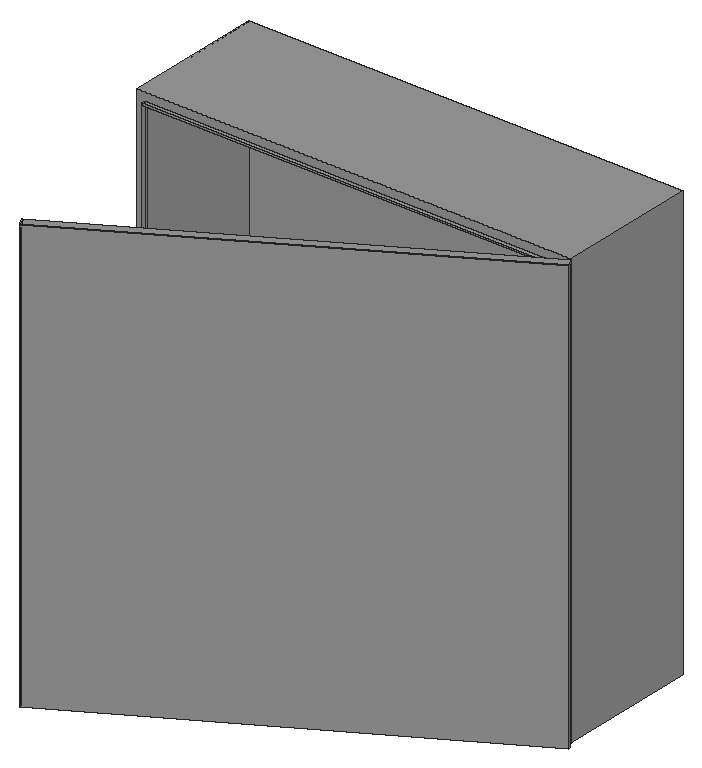
Revit family "Hager-Univers-IP55-D275-H800-Cl.II-Steel_encl-NoHosted-BE-fr", category Electrical Equipment, Revit 2020
Family settings
  Panel Configuration = Two Columns, Circuits Across
  Round Connector Dimension = Use Diameter
  Part Type = Panelboard
  Work Plane-Based = Yes
  Always vertical = Yes
  Cut with Voids When Loaded = No
  Shared = No
  Room Calculation Point = No
Parameters (values of type "saillie IP55 L800 H800 P275  - FR53S")
  Width Control [instance] = if([EF000008 - largeur] > Min Width, [EF000008 - largeur], Min Width)  # 800 mm
  Type Comments = [HG000003 - Gamme]  # "Univers"
  Thickness Door [instance] = if([EF009171 - épaisseur de matériau de la porte/du couvercle] > 3 mm, 3 mm, [EF009171 - épaisseur de matériau de la porte/du couvercle])  # 1.5 mm
  Seal Frame Offset [instance] = 17 mm  # constant formula
  Plinth Visibility [instance] = [HG000027 - Hauteur du socle] > 0 mm  # no
  Min Width [instance] = 100 mm  # constant formula
  Min Depth [instance] = (2 * [EF009170 - épaisseur de matériau du boîtier]) + 1 mm  # 4 mm
  Min Height [instance] = 100 mm  # constant formula
  Internal Frame Depth [instance] = (Door System Depth * 0.5)  # 9 mm
  Panel Name [instance] = ""  # (empty or 0)
  Model = ""
  HG000027 - Hauteur du socle = 0 mm
  HG000026 - Installation au sol = no
  HG000024 - Hauteur de la section basse = 600 mm
  HG000023 - Armoire double section = no
  HG000016 - Visibilité de la porte 3D [instance] = yes
  HG000015 - Visibilité de l'emprise de la porte [instance] = no
  HG000014 - Porte à droite [instance] = yes
  HG000013 - Porte à gauche [instance] = not([HG000014 - Porte à droite])  # no
  HG000012 - Angle de pivotement de la porte [instance] = 30.00°
  HG000010 - Portes asymétriques = no
  HG000009 - Porte à double battant = no
  HG000006 - Encastré = no
  HG000004 - Référence fabricant = "FR53S"
  HG000003 - Gamme = "Univers"
  HG000002 - avec porte = yes
  Frame Offset Bottom [instance] = 10 mm  # constant formula
  Frame Offset [instance] = 15 mm  # constant formula
  EF015940 - couvercle avec décharge de pression = no
  EF011959 - degré de protection (NEMA) = ""
  EF009554 - nombre d'ouvertures pour plaques à bride = 6
  EF009212 - finition du couvercle = "EV000116 - fermé"
  EF009171 - épaisseur de matériau de la porte/du couvercle = 1.5 mm
  EF009170 - épaisseur de matériau du boîtier = 1.5 mm
  EF008873 - courant nominal (In) = 800 A
  EF007800 - adapté à un parafoudre = no
  EF006306 - avec serrure = no
  EF006244 - couvercle/porte transparent(e) = no
  EF005474 - indice de protection (IP) = "EV006420 - IP55"
  EF004464 - type de porte = "EV002646 - unique"
  EF004427 - nombre de modules = 180
  EF004293 - indice de protection contre les chocs (IK) = "EV008784 - IK10"
  EF003532 - convient pour utilisation à l’extérieur = no
  EF002950 - largeur en nombre de modules = 24
  EF001613 - maintien de fonction = "EV000494 - sans"
  EF001596 - matériau du boîtier/corps = "EV000179 - acier"
  EF001131 - profondeur intérieure = 275 mm
  EF001088 - possibilité de montage en saillie = yes
  EF000437 - nombre d'entrées de conduit = 6
  EF000339 - type de capot = "EV004216 - porte"
  EF000266 - nombre de rangées = 5
  EF000218 - profondeur d'encastrement = 0 mm
  EF000118 - avec cadre/support de montage = no
  EF000116 - numéro RAL = "7035"
  EF000049 - profondeur = 275 mm
  EF000040 - hauteur = 800 mm
  EF000008 - largeur = 800 mm
  EF000007 - couleur = "EV000270 - gris"
  EF000003 - mode de pose = "EV000384 - saillie"
  Door System Leaf Tolerance [instance] = 1.5 mm  # constant formula
  Door System Depth [instance] = 18 mm  # constant formula
  Door Height [instance] = Height Control - [HG000027 - Hauteur du socle]  # 800 mm
  Description = ""
  Default Elevation = 1219.2 mm
  Connector Offset [instance] = Height Control / 2  # 400 mm
  Manufacturer = "Hager"  # constant formula
  Height Control [instance] = if([EF000040 - hauteur] > Min Height, [EF000040 - hauteur], Min Height)  # 800 mm
  Depth Control [instance] = if([EF000049 - profondeur] > Min Depth, [EF000049 - profondeur], Min Depth)  # 275 mm
  Bottom Top Plate Trim [instance] = 1.5 mm  # constant formula
  Plinth height Ctrl [instance] = if([HG000027 - Hauteur du socle] > 0 mm, [HG000027 - Hauteur du socle], 12 mm)  # 12 mm
Types (5, lengths in mm): name | Width Control | HG000010 - Portes asymétriques | HG000009 - Porte à double battant | HG000004 - Référence fabricant | EF009554 - nombre d'ouvertures pour plaques à bride | EF004464 - type de porte | EF004427 - nombre de modules | EF000437 - nombre d'entrées de conduit | EF000008 - largeur
  saillie IP55 L1050 H800 P275  - FR54S | 1050 | no | yes | "FR54S" | 8 | "EV003602 - double" | 240 | 8 | 1050
  saillie IP55 L1300 H800 P275  - FR55S | 1300 | yes | yes | "FR55S" | 10 | "EV003602 - double" | 300 | 10 | 1300
  saillie IP55 L300 H800 P275  - FR51S | 300 | no | no | "FR51S" | 2 | "EV002646 - unique" | 60 | 2 | 300
  saillie IP55 L550 H800 P275  - FR52S | 550 | no | no | "FR52S" | 4 | "EV002646 - unique" | 120 | 4 | 550
  saillie IP55 L800 H800 P275  - FR53S | 800 | no | no | "FR53S" | 6 | "EV002646 - unique" | 180 | 6 | 800
Reference planes
  plane 1 "Center (Front/Back)": y = 0
  plane 2: z = 0
  plane 3 "Center (Left/Right)": x = 0
  plane 4: y = 0
  plane 5: y = 0
  plane 6: z = 0
  plane 7: x = -400
  plane 8: x = 400
  plane 9: x = 398.5
  plane 10: x = -398.5
  plane 11: z = 0
  plane 12: z = 1.5
  plane 13: y = -275
  plane 14: y = -1.5
  plane 15: x = 0
  plane 16: y = -257
  plane 17: y = -273.5
  plane 18: y = -255.5
  plane 19: x = -383.5
  plane 20: x = 383.5
  plane 21: z = 11.5
  plane 22: x = -383
  plane 23: x = 383
  plane 24: z = 0
  plane 25: z = 800
  plane 26: z = 800
  plane 27: z = 783.5
  plane 28: z = 798.5
Forms (mm)
  Extrusion 1, solid, material "Hager_Steel_RAL7035_Light_Grey", detail levels medium+fine
    sketch origin (-208.679, -4572, 0) x (-1, 0, 0) y (0, -1, 0)
      loop
        line (191.321, -4315) -> (-608.679, -4315) -> (-608.679, -4572) -> (191.321, -4572) -> (191.321, -4315)
    from 0 to 800
  Extrusion 2, void
    sketch origin (-350.771, -275, 1219.2) x (1, 0, 0) y (0, 0, 1)
      loop
        line (-47.729, -420.7) -> (-47.729, -1217.7) -> (749.271, -1217.7) -> (749.271, -420.7) -> (-47.729, -420.7)
    from -19.5 to -273.5
  Extrusion 3, void
    sketch origin (-290.084, -257, 1219.2) x (1, 0, 0) y (0, 0, 1)
      loop
        line (-93.416, -1207.7) -> (673.584, -1207.7) -> (673.584, -435.7) -> (-93.416, -435.7) -> (-93.416, -1207.7)
    from 0 to -1.5
  Extrusion 4, solid, material "Hager_Steel_RAL7035_Light_Grey", visible <- "Plinth Visibility", detail levels medium+fine
    sketch origin (0, 0, 0) x (1, 0, 0) y (0, 1, 0)
      loop
        line (-400, 0) -> (-400, -257) -> (400, -257) -> (400, 0) -> (-400, 0)
    from 0 to 12 <- "Plinth height Ctrl"
  Extrusion 5, solid, material "Hager_Steel_RAL7035_Light_Grey", detail levels coarse
    sketch origin (0, 0, 0) x (1, 0, 0) y (0, 1, 0)
      loop
        line (-400, 0) -> (-400, -275) -> (400, -275) -> (400, 0) -> (-400, 0)
    from 0 to 800 <- "Height Control"
  Sweep 6, void
    path in 3D
      loop
        line (-400, -257, 12) -> (400, -257, 12) -> (400, 0, 12) -> (-400, 0, 12) -> (-400, -257, 12)
    profile origin (-400, -128.5, 12) x (1, 0, 0) y (0, 0, 1)
      loop
        line (0, 0) -> (0, -1.5) -> (1.5, -1.5)
        arc (1.5, -1.5) -> (1.061, -0.439) -> (0, 0) r 1.5
  Extrusion 7, solid, material "Hager_Steel_RAL7035_Light_Grey", detail levels fine
    sketch origin (-400, -257, 0) x (1, 0, 0) y (0, 0, 1)
      loop
        line (16.5, 11.5) -> (783.5, 11.5) -> (783.5, 783.5) -> (16.5, 783.5) -> (16.5, 11.5)
      loop
        line (15, 10) -> (785, 10) -> (785, 785) -> (15, 785) -> (15, 10)
    from 0 to 9 <- "Internal Frame Depth"
Cuts and joins
  Extrusion 2, Extrusion 3 cuts Extrusion 1
  Sweep 6 cuts Extrusion 4
Lines and regions (mm)
  Masking region 1
    outline origin (0, 0, 0) x (1, 0, 0) y (0, 1, 0)
      loop
        line (-400, 0) -> (-400, -275) -> (400, -275) -> (400, 0) -> (-400, 0)
  Masking region 2, detail levels coarse
    outline origin (-290.084, -257, 1219.2) x (-1, 0, 0) y (0, 0, 1)
      loop
        line (-690.084, -1219.2) -> (109.916, -1219.2) -> (109.916, -419.2) -> (-690.084, -419.2) -> (-690.084, -1219.2)
  Masking region 3, detail levels coarse
    outline origin (0, 0, 0) x (0, 1, 0) y (0, 0, 1)
      loop
        line (0, 0) -> (0, 800) -> (-275, 800) -> (-275, 0) -> (0, 0)
  Masking region 4, visible <- "Plinth Visibility", detail levels medium+fine
    outline origin (0, 0, 0) x (0, 1, 0) y (0, 0, 1)
      loop
        line (-1.5, 12) -> (-255.5, 12)
        arc (-255.5, 12) -> (-255.939, 10.939) -> (-257, 10.5) r 1.5
        line (-257, 10.5) -> (-257, 0) -> (0, 0) -> (0, 10.5)
        arc (0, 10.5) -> (-1.061, 10.939) -> (-1.5, 12) r 1.5
  Masking region 5, detail levels medium+fine
    outline origin (0, 0, 594.038) x (0, 1, 0) y (0, 0, 1)
      loop
        line (0, -594.038) -> (0, 205.962) -> (-257, 205.962) -> (-257, -594.038) -> (0, -594.038)
  Masking region 6, detail levels medium+fine
    outline origin (-359.7, -257, 1211.883) x (-1, 0, 0) y (0, 0, 1)
      loop
        line (-759.7, -1211.883) -> (40.3, -1211.883) -> (40.3, -411.883) -> (-759.7, -411.883) -> (-759.7, -1211.883)
  Masking region 7, visible <- "Plinth Visibility", detail levels medium+fine
    outline origin (-320.334, -257, 1041.368) x (-1, 0, 0) y (0, 0, 1)
      loop
        line (-720.334, -1041.368) -> (79.666, -1041.368) -> (79.666, -1030.868)
        arc (79.666, -1030.868) -> (78.606, -1030.429) -> (78.166, -1029.368) r 1.5
        line (78.166, -1029.368) -> (-718.834, -1029.368)
        arc (-718.834, -1029.368) -> (-719.273, -1030.429) -> (-720.334, -1030.868) r 1.5
        line (-720.334, -1030.868) -> (-720.334, -1041.368)
  sketch lines
    curve 1: line (-400, 0, 12) -> (-400, -257, 12)
    curve 2: line (-400, -257, 12) -> (400, -257, 12)
    curve 3: line (400, 0, 12) -> (-400, 0, 12)
    curve 4: line (400, -257, 12) -> (400, 0, 12)
Dimensions and locks
  locked: plane 1 "Center (Front/Back)" to plane 5
  "EF009170 - épaisseur de matériau du boîtier": plane 7 to plane 10
  "EF009170 - épaisseur de matériau du boîtier": plane 8 to plane 9
  equal spacing: plane 7, plane 3 "Center (Left/Right)", plane 8
  "Width Control": plane 7 to plane 8
  "Depth Control": plane 4 to plane 13
  "EF009170 - épaisseur de matériau du boîtier": plane 4 to plane 14
  "Height Control": plane 25 to level
  "HG000027 - Hauteur du socle": plane 11 to level
  "EF009170 - épaisseur de matériau du boîtier": plane 12 to plane 11
  "EF009170 - épaisseur de matériau du boîtier": plane 17 to plane 13
  "EF009170 - épaisseur de matériau du boîtier": plane 18 to plane 16
  "Frame Offset Bottom": plane 21 to plane 12
  "Frame Offset": plane 10 to plane 19
  "Frame Offset": plane 9 to plane 20
  "Door System Depth": plane 16 to plane 13
  "Seal Frame Offset": plane 7 to plane 22
  "Seal Frame Offset": plane 8 to plane 23
  "EF009170 - épaisseur de matériau du boîtier": plane 26 to plane 28
  "Frame Offset": plane 28 to plane 27
  "Connector Offset": plane 2 to connector elem
  "Bottom Top Plate Trim": profile plane to Sweep 6 sketch curve
  "Bottom Top Plate Trim": Sweep 6 sketch curve to Sweep 6 sketch curve
  "Plinth height Ctrl": Masking region 4 sketch curve to level
  "Plinth height Ctrl": Masking region 7 sketch curve to level
  "Thickness Door": Extrusion 7 sketch curve to Extrusion 7 sketch curve  (x4)
  "Bottom Top Plate Trim": radius of Sweep 6 sketch curve
  "Bottom Top Plate Trim": radius of Masking region 4 sketch curve  (x2)
  "Bottom Top Plate Trim": radius of Masking region 7 sketch curve  (x2)
  aligned and locked: Extrusion 2 sketch curve to plane 12
  aligned and locked: Extrusion 2 sketch curve to plane 9
  aligned and locked: Extrusion 2 sketch curve to plane 10
  aligned and locked: Extrusion 2 to plane 14
  aligned and locked: Extrusion 1 sketch curve to plane 4
  aligned and locked: plane 8 to Extrusion 1 sketch curve
  aligned and locked: plane 7 to Extrusion 1 sketch curve
  aligned and locked: Extrusion 2 to plane 18
  aligned and locked: Extrusion 3 sketch curve to plane 19
  aligned and locked: plane 20 to Extrusion 3 sketch curve
  aligned and locked: Extrusion 3 to Extrusion 2
  aligned and locked: Extrusion 3 sketch curve to plane 21
  aligned and locked: plane 3 "Center (Left/Right)" to nested 1
  aligned and locked: Extrusion 1 sketch curve to plane 16
  aligned and locked: Extrusion 4 sketch curve to cut or joined group of Extrusion 1, Extrusion 2, Extrusion 3
  aligned and locked: Masking region 1 sketch curve to plane 7
  aligned and locked: Masking region 1 sketch curve to plane 5
  aligned and locked: Masking region 1 sketch curve to plane 8
  aligned and locked: Masking region 2 sketch curve to level
  aligned and locked: level to Masking region 3 sketch curve
  aligned and locked: plane 1 "Center (Front/Back)" to Masking region 3 sketch curve
  aligned and locked: plane 13 to Masking region 3 sketch curve
  aligned and locked: plane 5 to Masking region 4 sketch curve
  aligned and locked: Masking region 2 sketch curve to plane 8
  aligned and locked: Masking region 2 sketch curve to plane 7
  aligned and locked: plane 7 to nested 2
  aligned and locked: nested 2 to plane 5
  aligned and locked: plane 5 to Masking region 5 sketch curve
  aligned and locked: plane 26 to Masking region 5 sketch curve
  aligned and locked: Extrusion 5 sketch curve to plane 8
  aligned and locked: Extrusion 5 sketch curve to plane 7
  aligned and locked: Extrusion 5 sketch curve to plane 5
  aligned and locked: Extrusion 3 sketch curve to plane 27
  aligned and locked: Extrusion 2 sketch curve to plane 28
  aligned and locked: Masking region 2 to plane 25
  aligned and locked: Extrusion 4 to plane 16
  aligned and locked: profile plane to Sweep 6 sketch curve
  aligned and locked: Masking region 5 sketch curve to plane 24
  aligned and locked: level to Masking region 4 sketch curve
  aligned and locked: Masking region 1 to plane 13
  aligned and locked: nested 1 to plane 16
  aligned and locked: Masking region 3 to plane 25
  aligned and locked: plane 16 to Masking region 4 sketch curve
  aligned and locked: Masking region 5 sketch curve to plane 16
  aligned and locked: plane 24 to plane 11
  aligned and locked: plane 26 to plane 25
  aligned and locked: plane 26 to cut or joined group of Extrusion 1, Extrusion 2, Extrusion 3
  aligned and locked: nested 1 to plane 24
  aligned and locked: Extrusion 1 to Extrusion 3
  aligned and locked: Masking region 6 sketch curve to plane 8
  aligned and locked: Masking region 6 sketch curve to plane 24
  aligned and locked: Masking region 6 sketch curve to plane 7
  aligned and locked: Masking region 6 sketch curve to plane 26
  aligned and locked: Masking region 7 sketch curve to plane 7
  aligned and locked: level to Masking region 7 sketch curve
  aligned and locked: Masking region 7 sketch curve to plane 8
  aligned and locked: Extrusion 7 sketch curve to cut or joined group of Extrusion 1, Extrusion 2, Extrusion 3  (x4)
Automatic sketch dimensions
  plane 19 to Extrusion 3 sketch curve = 0 mm
  Extrusion 3 sketch curve to plane 20 = 0 mm
  Extrusion 3 sketch curve to plane 21 = 0 mm
  Extrusion 4 sketch curve to plane 7 = 0 mm
  Extrusion 4 sketch curve to plane 8 = 0 mm
  Extrusion 4 sketch curve to plane 16 = 0 mm
  Masking region 1 sketch curve to plane 13 = 0 mm
  Masking region 2 sketch curve to plane 25 = 0 mm
  Masking region 3 sketch curve to plane 25 = 0 mm
  Extrusion 5 sketch curve to plane 13 = 0 mm
  profile plane to Sweep 6 sketch curve = 0 mm
Nested families
  nested 1: "EC000058_Univers_Door" at (0, -257, 0), Double <- "HG000009 - Porte à double battant", Transparent <- "EF006244 - couvercle/porte transparent(e)", Angle <- "HG000012 - Angle de pivotement de la porte", Door_Right <- "HG000014 - Porte à droite", Assymetrical <- "HG000010 - Portes asymétriques", Door <- "HG000002 - avec porte", Width_Ctrl <- "Width Control", 3d_Door <- "HG000016 - Visibilité de la porte 3D", Clearance <- "HG000015 - Visibilité de l'emprise de la porte", Door_Left <- "HG000013 - Porte à gauche", Width <- "Width Control", Door_Depth <- "Door System Depth", Leaf_Tolerance <- "Door System Leaf Tolerance", Height <- "Door Height", Lock_Visibility <- "EF006306 - avec serrure", Thickness <- "Thickness Door", type "EC000058_Univers_Door", detail levels medium+fine
    with min_wh 4 mm, Width_Ctrl 800 mm, Width 800 mm, Transparent no, Thickness 1.5 mm, Seal_Material Hager_Rubber, Lock_Visibility no, Lock_Material Hager_Plastic_RAL9005_Jet_Black, Leaf_Width 800 mm, Leaf_Tolerance_External_Sides 0 mm, Leaf_Tolerance 1.5 mm, Leaf_Offset 0 mm, Leaf_Height 797 mm, Leaf_2_Width 800 mm, Leaf_2_Offset 400 mm, Leaf_1_Width 800 mm, Leaf_1_Offset 400 mm, Height_Ctrl 800 mm, Height 800 mm, Glass_Material Hager_Glass, Double_Clearance_Ctrl no, Double no, Door_Right_Ctrl yes, Door_Right yes, Door_Material Hager_Steel_RAL7035_Light_Grey, Door_Left_Ctrl no, Door_Left no, Door_Depth 18 mm, Door yes, Clearance_Material Hager_Clearance, Clearance_Depth 800 mm, Clearance_Ctrl no, Clearance no, Assymetrical no, Angle 30.00°, 3d_Door yes
  nested 2: "Hager_Enclosure_Symbol" at (-400, 0, 0), Height <- "Depth Control", Width <- "Width Control", type "Hager_Enclosure_Symbol"
    with Width_Ctrl 800 mm, Width 800 mm, Height_Ctrl 275 mm, Height 275 mm, A_Width_Int 18.047 mm, A_Width 216.562 mm, A_Height_Ctrl 240.625 mm, A_Height 240.625 mm
Connectors
  electrical at (0, 0, 400)
    settings: on plane 1 "Center (Front/Back)", index 1, voltage 0 V, apparent load 0 VA, apparent load phase1 0 VA, apparent load phase2 0 VA, apparent load phase3 0 VA, power factor 1, load classification "Other", number of poles 1, system type 30, power factor state 1, is connector primary yes, connector utility no, sub classification motor no, connector description ""
Definition of nested family "EC000058_Univers_Door"
  Parameters (values of type "EC000058_Univers_Door")
    min_wh [instance] = (2 * Thickness) + 1 mm  # 11 mm
    Width_Ctrl [instance] = 400 mm
    Width [instance] = 500 mm
    Transparent [instance] = yes
    Thickness [instance] = 5 mm
    Seal_Material [instance] = none
    Lock_Visibility [instance] = yes
    Lock_Material [instance] = none
    Leaf_Width [instance] = if((Width_Ctrl - 2 * Leaf_Tolerance_External_Sides) > 0 mm, (Width_Ctrl - 2 * Leaf_Tolerance_External_Sides), min_wh)  # 400 mm
    Leaf_Tolerance_External_Sides [instance] = 0 mm  # constant formula
    Leaf_Tolerance [instance] = 1.5 mm
    Leaf_Offset [instance] = 0 mm  # constant formula
    Leaf_Height [instance] = if((Height_Ctrl - 2 * Leaf_Tolerance) > 0 mm, (Height_Ctrl - 2 * Leaf_Tolerance), min_wh)  # 497 mm
    Leaf_2_Width [instance] = if(and(and(Double, Assymetrical), Door_Left), (Leaf_Width / 3) - (Leaf_Tolerance / 2), if(and(and(Double, Assymetrical), Door_Right), (Leaf_Width / 3) * 2 - (Leaf_Tolerance / 2), if(and(Double, not(Assymetrical)), (Leaf_Width / 2) - Leaf_Tolerance, Leaf_Width)))  # 400 mm
    Leaf_2_Offset [instance] = if(and(Double, Assymetrical), Leaf_2_Width / 2, if(and(Double, not(Assymetrical)), Leaf_Width / 4, Leaf_Width / 2))  # 200 mm
    Leaf_1_Width [instance] = if(and(and(Double, Assymetrical), Door_Right), (Leaf_Width / 3) - (Leaf_Tolerance / 2), if(and(and(Double, Assymetrical), Door_Left), (Width / 3) * 2 - (Leaf_Tolerance / 2), if(and(Double, not(Assymetrical)), (Leaf_Width / 2) - Leaf_Tolerance, Leaf_Width)))  # 400 mm
    Leaf_1_Offset [instance] = if(and(Double, Assymetrical), Leaf_1_Width / 2, if(and(Double, not(Assymetrical)), Leaf_Width / 4, Leaf_Width / 2))  # 200 mm
    Height_Ctrl [instance] = if(Height > min_wh, Height, min_wh)  # 500 mm
    Height [instance] = 500 mm
    Glass_Material [instance] = none
    Double_Clearance_Ctrl [instance] = and(Double, Clearance)  # no
    Double [instance] = no
    Door_Right_Ctrl [instance] = and(or(Door_Right, Double), Door)  # yes
    Door_Right [instance] = yes
    Door_Material [instance] = none
    Door_Left_Ctrl [instance] = and(or(Door_Left, Double), Door)  # no
    Door_Left [instance] = no
    Door_Depth [instance] = 30 mm
    Door [instance] = yes
    Default Elevation = 1219.2 mm
    Clearance_Material [instance] = none
    Clearance_Depth [instance] = if(Leaf_1_Width > Leaf_2_Width, Leaf_1_Width, Leaf_2_Width)  # 400 mm
    Clearance_Ctrl [instance] = and(not(Double), Clearance)  # yes
    Clearance [instance] = yes
    Assymetrical [instance] = yes
    Angle [instance] = 30.00°
    3d_Door [instance] = yes
  Reference planes
    plane 1 "Center (Front/Back)": y = 0
    plane 2 "Bottom": z = 0
    plane 3 "Center (Left/Right)": x = 0
    plane 4: z = 500
    plane 5: x = -200
    plane 6: x = 200
    plane 7: z = 500
    plane 8: x = -200
    plane 9: z = 0
    plane 10: x = 200
    plane 11: y = 0
    plane 12: z = 1.5
    plane 13: x = -600
    plane 14: y = -400
    plane 15: x = 600
    plane 16: x = 0
    plane 17: x = 0
    plane 18: x = -200
    plane 19: x = 200
    plane 20: z = 498.5
  Forms (mm)
    Extrusion 1, solid, material <- "Clearance_Material", visible <- "Double_Clearance_Ctrl"
      sketch origin (1200, 0, 0) x (1, 0, 0) y (0, 0, -1)
        loop
          line (-1800, -498.5) -> (-600, -498.5) -> (-600, 0) -> (-1800, 0) -> (-1800, -498.5)
      from 0 to -400
  Dimensions and locks
    equal spacing: plane 5, plane 3 "Center (Left/Right)", plane 6
    "Width_Ctrl": plane 5 to plane 6
    "Leaf_Offset": plane 5 to plane 8
    "Leaf_Offset": plane 6 to plane 10
    "Leaf_Offset": plane 9 to level
    "Leaf_Offset": plane 4 to plane 7
    "Height_Ctrl": plane 4 to level
    "Leaf_Tolerance": plane 12 to plane 9
    locked: plane 11 to plane 1 "Center (Front/Back)"
    "Leaf_1_Offset": plane 18 to plane 16
    "Leaf_2_Offset": plane 17 to plane 19
    "Leaf_1_Width": plane 13 to plane 8
    "Leaf_2_Width": plane 10 to plane 15
    "Clearance_Depth": plane 14 to plane 1 "Center (Front/Back)"
    "Leaf_Tolerance_External_Sides": plane 8 to plane 18
    "Leaf_Tolerance_External_Sides": plane 19 to plane 10
    "Leaf_Tolerance": plane 7 to plane 20
    aligned and locked: level to plane 2 "Bottom"
    aligned and locked: nested 1 to plane 16
    aligned and locked: nested 2 to plane 17
    aligned and locked: Extrusion 1 to plane 13
    aligned and locked: plane 15 to Extrusion 1
    aligned and locked: Extrusion 1 to plane 14
    aligned and locked: plane 12 to nested 1
    aligned and locked: nested 2 to plane 12
    aligned and locked: Extrusion 1 to plane 11
    aligned and locked: plane 20 to Extrusion 1
    aligned and locked: nested 2 to plane 11
    aligned and locked: nested 1 to plane 11
  Automatic sketch dimensions
    Extrusion 1 sketch curve to level = 0 mm
    plane 5 to Extrusion 1 sketch curve = 400 mm
    plane 6 to Extrusion 1 sketch curve = 400 mm
    Extrusion 1 sketch curve to plane 4 = 1.5 mm
  Nested families
    nested 1: "EC000058_Univers_Door_Leaf" at (0, 0, 1.5), Width <- "Leaf_1_Width", visible <- "Door_Left_Ctrl", Leaf_Height <- "Leaf_Height", Angle <- "Angle", 3d_Door <- "3d_Door", Transparent <- "Transparent", Clearance Material <- "Clearance_Material", Clearance <- "Clearance_Ctrl", Door_Material <- "Door_Material", Glass_Material <- "Glass_Material", Door_Depth <- "Door_Depth", Lock_Material <- "Lock_Material", Seal_Material <- "Seal_Material", Lock_Visibility <- "Lock_Visibility", Thickness <- "Thickness", type "EC000058_Univers_Door_Leaf"
      with Width 400 mm, Transparent_Glass_Offset 30 mm, Transparent_Ctrl yes, Transparent yes, Thickness 5 mm, Standard no, Seal_Material none, Seal_D2 8 mm, Seal_D1 1 mm, Offset_Internal_Frame 10 mm, Lock_Width 20 mm, Lock_Visibility_3d yes, Lock_Visibility yes, Lock_Thickness_3 3 mm, Lock_Thickness_2 1 mm, Lock_Thickness_1 3 mm, Lock_Radius_Offset_2 16 mm, Lock_Radius_Offset_1 15 mm, Lock_Radius_2 5 mm, Lock_Radius 6 mm, Lock_Offset 5 mm, Lock_Material none, Lock_Height 80 mm, Lock_Cover_Top_Offset_2d 17 mm, Lock_Cover_Height -65 mm, Leaf_Height 497 mm, Internal_Seal_Thickness 8 mm, Internal_Seal_Depth_2 4.5 mm, Internal_Frame_Depth 25 mm, Glass_Thickness -1 mm, Glass_Offset -2 mm, Glass_Material none, Door_Material none, Door_Depth 30 mm, Clearance Material none, Clearance yes, Angle_Ctrl 30.00°, Angle 30.00°, 3d_Door yes
    nested 2: "EC000058_Univers_Door_Leaf" at (0, 0, 1.5) x (-1, 0, 0) z (0, 0, 1), Width <- "Leaf_2_Width", visible <- "Door_Right_Ctrl", Leaf_Height <- "Leaf_Height", Angle <- "Angle", 3d_Door <- "3d_Door", Transparent <- "Transparent", Clearance Material <- "Clearance_Material", Clearance <- "Clearance_Ctrl", Door_Material <- "Door_Material", Glass_Material <- "Glass_Material", Door_Depth <- "Door_Depth", Lock_Material <- "Lock_Material", Seal_Material <- "Seal_Material", Lock_Visibility <- "Lock_Visibility", Thickness <- "Thickness", type "EC000058_Univers_Door_Leaf"
      with Width 400 mm, Transparent_Glass_Offset 30 mm, Transparent_Ctrl yes, Transparent yes, Thickness 5 mm, Standard no, Seal_Material none, Seal_D2 8 mm, Seal_D1 1 mm, Offset_Internal_Frame 10 mm, Lock_Width 20 mm, Lock_Visibility_3d yes, Lock_Visibility yes, Lock_Thickness_3 3 mm, Lock_Thickness_2 1 mm, Lock_Thickness_1 3 mm, Lock_Radius_Offset_2 16 mm, Lock_Radius_Offset_1 15 mm, Lock_Radius_2 5 mm, Lock_Radius 6 mm, Lock_Offset 5 mm, Lock_Material none, Lock_Height 80 mm, Lock_Cover_Top_Offset_2d 17 mm, Lock_Cover_Height -65 mm, Leaf_Height 497 mm, Internal_Seal_Thickness 8 mm, Internal_Seal_Depth_2 4.5 mm, Internal_Frame_Depth 25 mm, Glass_Thickness -1 mm, Glass_Offset -2 mm, Glass_Material none, Door_Material none, Door_Depth 30 mm, Clearance Material none, Clearance yes, Angle_Ctrl 30.00°, Angle 30.00°, 3d_Door yes
  Definition of nested family "EC000058_Univers_Door_Leaf"
    Parameters (values of type "EC000058_Univers_Door_Leaf")
      Width [instance] = 2000 mm
      Transparent_Glass_Offset [instance] = 30 mm
      Transparent_Ctrl [instance] = and(Transparent, [3d_Door])  # yes
      Transparent [instance] = yes
      Thickness [instance] = 5 mm
      Standard [instance] = and(not(Transparent), [3d_Door])  # no
      Seal_Material [instance] = none
      Seal_D2 [instance] = 8 mm  # constant formula
      Seal_D1 [instance] = 1 mm  # constant formula
      Offset_Internal_Frame [instance] = 10 mm  # constant formula
      Lock_Width [instance] = 20 mm  # constant formula
      Lock_Visibility_3d [instance] = and(Lock_Visibility, [3d_Door])  # yes
      Lock_Visibility [instance] = yes
      Lock_Thickness_3 [instance] = 3 mm  # constant formula
      Lock_Thickness_2 [instance] = 1 mm  # constant formula
      Lock_Thickness_1 [instance] = 3 mm  # constant formula
      Lock_Radius_Offset_2 [instance] = Lock_Radius_Offset_1 + 1 mm  # 16 mm
      Lock_Radius_Offset_1 [instance] = 15 mm  # constant formula
      Lock_Radius_2 [instance] = Lock_Radius - 1 mm  # 5 mm
      Lock_Radius [instance] = 6 mm  # constant formula
      Lock_Offset [instance] = 5 mm  # constant formula
      Lock_Material [instance] = none
      Lock_Height [instance] = 80 mm  # constant formula
      Lock_Cover_Top_Offset_2d [instance] = Lock_Radius_Offset_2 + 1 mm  # 17 mm
      Lock_Cover_Height [instance] = -(Lock_Height - Lock_Radius_Offset_1)  # -65 mm
      Leaf_Height [instance] = 2720.336 mm
      Internal_Seal_Thickness [instance] = 8 mm  # constant formula
      Internal_Seal_Depth_2 [instance] = 4.5 mm  # constant formula
      Internal_Frame_Depth [instance] = if(Door_Depth - Thickness > 5 mm, Door_Depth - Thickness, 5 mm)  # 25 mm
      Glass_Thickness [instance] = if(Thickness > 15 mm, Glass_Offset + 10 mm, -1 mm)  # -1 mm
      Glass_Offset [instance] = if(Thickness > 15 mm, -(Thickness + 10 mm) / 2, -2 mm)  # -2 mm
      Glass_Material [instance] = none
      Door_Material [instance] = none
      Door_Depth [instance] = 30 mm
      Default Elevation = 0 mm
      Clearance Material [instance] = none
      Clearance [instance] = yes
      Angle_Ctrl [instance] = if(Angle > 180.00°, 180.00°, Angle)  # 90.00°
      Angle [instance] = 90.00°
      3d_Door [instance] = yes
    Reference planes
      plane 1 "Center (Front/Back)": y = 0
      plane 2: z = 0
      plane 3 "Center (Left/Right)": x = 0
      plane 4: y = 2000
      plane 5: x = -1000
      plane 6: x = 1000
      plane 7: x = -3000
      plane 8: z = 2720.336
      plane 9: z = 30
      plane 10: z = 2690.336
      plane 11: x = 970
      plane 12: x = -970
      plane 13: y = -3
      plane 14: z = 107.833
      plane 15: y = -5
      plane 16: y = -223.314
      plane 17: x = -1000
      plane 18: z = 1360.168
      plane 19: y = 30
    Forms (mm)
      Extrusion 1, solid, material <- "Clearance Material", visible <- "Clearance"
        sketch origin (0, 0, 0) x (1, 0, 0) y (0, 0, 1)
          loop
            line (-3000, 2720.336) -> (-3000, 0) -> (1000, 0) -> (1000, 2720.336) -> (-3000, 2720.336)
        from 0 to -2000
      Extrusion 2, solid, material <- "Door_Material", visible <- "Standard", detail levels medium+fine
        sketch origin (-1000, 0, 0) x (0, 1, 0) y (-1, 0, 0)
          loop
            line (0, 30) -> (0, 25) -> (2000, 25) -> (2000, 30) -> (0, 30)
        from 0 to 2720.336 <- "Leaf_Height"
      Extrusion 3, solid, material <- "Door_Material", visible <- "Transparent_Ctrl", detail levels medium+fine
        sketch origin (-1000, 0, 0) x (0, 1, 0) y (-1, 0, 0)
          loop
            line (0, 25) -> (2000, 25) -> (2000, 30) -> (0, 30) -> (0, 25)
        from 0 to 2720.336 <- "Leaf_Height"
      Extrusion 4, void
        sketch origin (-1025, 2000, 0) x (0, 1, 0) y (0, 0, -1)
          loop
            line (-30, -2690.336) -> (-30, -30) -> (-1970, -30) -> (-1970, -2690.336) -> (-30, -2690.336)
        from 0 to 5 <- "Thickness"
      Sweep 5, solid, material <- "Seal_Material", visible <- "Transparent_Ctrl", detail levels fine
        path in 3D
          loop
            line (-1025, 30, 30) -> (-1025, 30, 2690.336) -> (-1025, 1970, 2690.336) -> (-1025, 1970, 30) -> (-1025, 30, 30)
        profile origin (-1025, 1000, 30) x (1, 0, 0) y (0, 0, 1)
          loop
            line (0, 0) -> (0, -8) -> (1, -8) -> (1, 0) -> (0, 0)
      Extrusion 6, solid, material <- "Glass_Material", visible <- "Transparent_Ctrl", detail levels medium+fine
        sketch origin (-1030, 0, 0) x (0, 1, 0) y (0, 0, -1)
          loop
            line (1970, -2690.336) -> (1970, -30) -> (30, -30) -> (30, -2690.336) -> (1970, -2690.336)
        from -2 <- "Glass_Offset" to -1 <- "Glass_Thickness"
      Extrusion 7, solid, material <- "Door_Material", visible <- "3d_Door", detail levels medium+fine
        sketch origin (-1025, 2000, 0) x (0, -1, 0) y (0, 0, -1)
          loop
            line (0, -2720.336) -> (2000, -2720.336) -> (2000, 0) -> (0, 0) -> (0, -2720.336)
          loop
            line (1995, -5) -> (5, -5) -> (5, -2715.336) -> (1995, -2715.336) -> (1995, -5)
        from 0 to 25 <- "Internal_Frame_Depth"
      Sweep 8, solid, material <- "Seal_Material", visible <- "Transparent_Ctrl", detail levels fine
        path in 3D
          loop
            line (-1025, 0, 0) -> (-1025, 2000, 0) -> (-1025, 2000, 2720.336) -> (-1025, 0, 2720.336) -> (-1025, 0, 0)
        profile origin (-1025, 0, 1360.168) x (1, 0, 0) y (0, 1, 0)
          loop
            line (0, 10) -> (2.975, 10)
            arc (2.975, 10) -> (4.053, 10.447) -> (4.5, 11.525) r 1.525
            line (4.5, 11.525) -> (4.5, 16.527)
            arc (4.5, 16.527) -> (4.069, 17.569) -> (3.027, 18) r 1.473
            line (3.027, 18) -> (0, 18) -> (0, 10)
      Extrusion 9, solid, material <- "Lock_Material", visible <- "Lock_Visibility_3d", detail levels fine
        sketch origin (-1030, 0, 0) x (0, 1, 0) y (0, 0, -1)
          loop
            arc (1993.5, -1400.168) -> (1994.561, -1399.729) -> (1995, -1398.668) r 1.5
            line (1995, -1398.668) -> (1995, -1320.168) -> (1975, -1320.168) -> (1975, -1398.668)
            arc (1975, -1398.668) -> (1975.439, -1399.729) -> (1976.5, -1400.168) r 1.5
            line (1976.5, -1400.168) -> (1993.5, -1400.168)
        from 3 <- "Lock_Thickness_1" to 0
      Blend 10, solid, material <- "Lock_Material", visible <- "Lock_Visibility_3d", detail levels fine
        base sketch origin (-1033, 0, 0) x (0, 1, 0) y (0, 0, -1)
          loop
            line (1975, -1320.168) -> (1975, -1398.668)
            arc (1975, -1398.668) -> (1975.439, -1399.729) -> (1976.5, -1400.168) r 1.5
            line (1976.5, -1400.168) -> (1993.5, -1400.168)
            arc (1993.5, -1400.168) -> (1994.561, -1399.729) -> (1995, -1398.668) r 1.5
            line (1995, -1398.668) -> (1995, -1320.168) -> (1975, -1320.168)
        top sketch origin (-1033, 0, 0) x (0, 1, 0) y (0, 0, -1)
          loop
            line (1976, -1320.168) -> (1976, -1398.668)
            arc (1976, -1398.668) -> (1976.146, -1399.022) -> (1976.5, -1399.168) r 0.5
            line (1976.5, -1399.168) -> (1993.5, -1399.168)
            arc (1993.5, -1399.168) -> (1993.854, -1399.022) -> (1994, -1398.668) r 0.5
            line (1994, -1398.668) -> (1994, -1320.168) -> (1976, -1320.168)
        from 0 to 1 <- "Lock_Thickness_2"
      Blend 11, solid, material <- "Lock_Material", visible <- "Lock_Visibility_3d", detail levels fine
        base sketch origin (-1034, 0, 0) x (0, 1, 0) y (0, 0, -1)
          loop
            line (1978, -1320.168) -> (1978, -1384.168)
            arc (1978, -1384.168) -> (1985, -1391.168) -> (1992, -1384.168) r 7
            line (1992, -1384.168) -> (1992, -1320.168) -> (1978, -1320.168)
        top sketch origin (-1034, 0, 0) x (0, 1, 0) y (0, 0, -1)
          loop
            line (1991, -1320.168) -> (1979, -1320.168) -> (1979, -1383.168)
            arc (1979, -1383.168) -> (1985, -1389.168) -> (1991, -1383.168) r 6
            line (1991, -1383.168) -> (1991, -1320.168)
        from 0 to 3 <- "Lock_Thickness_3"
      Extrusion 12, solid, material <- "Lock_Material", visible <- "Lock_Visibility_3d", detail levels fine
        sketch origin (-1030, 1975, 1320.168) x (1, 0, 0) y (0, -1, 0)
          loop
            line (-7, -19) -> (-7, -1) -> (0, -1) -> (0, 0) -> (-8, 0) -> (-8, -20) -> (0, -20) -> (0, -19) -> (-7, -19)
        from 0 to -65 <- "Lock_Cover_Height"
      Extrusion 13, void
        sketch origin (-1038, 1995, 1320.168) x (-1, 0, 0) y (0, 0, -1)
          loop
            line (-5, -65) -> (0, -65) -> (-5, -60) -> (-5, -65)
        from 0 to 20 <- "Lock_Width"
      Extrusion 14, void
        sketch origin (-1038, 1975, 1320.168) x (0, -1, 0) y (0, 0, -1)
          loop
            circle (-10, -15.995) r 6
          loop
            circle (-10, -15.995) r 5
        from 0 to 2
      Extrusion 15, solid, material <- "Lock_Material", visible <- "Lock_Visibility_3d", detail levels medium
        sketch origin (-1030, 0, 0) x (0, 1, 0) y (0, 0, -1)
          loop
            arc (1993.5, -1400.168) -> (1994.561, -1399.729) -> (1995, -1398.668) r 1.5
            line (1995, -1398.668) -> (1995, -1320.168) -> (1975, -1320.168) -> (1975, -1398.668)
            arc (1975, -1398.668) -> (1975.439, -1399.729) -> (1976.5, -1400.168) r 1.5
            line (1976.5, -1400.168) -> (1993.5, -1400.168)
        from 8 to 0
    Cuts and joins
      Extrusion 4 cuts Extrusion 3
      Extrusion 13, Extrusion 14 cuts Extrusion 9
      Extrusion 14 cuts Blend 11
      Extrusion 13, Extrusion 14 cuts Extrusion 12
      joined: Extrusion 9, Blend 10, Blend 11, Extrusion 12
      Extrusion 14 cuts Extrusion 15
    Lines and regions (mm)
      Masking region 1, visible <- "Lock_Visibility", detail levels fine
        outline origin (0, 0, 0) x (0, 1, 0) y (0, 0, 1)
          loop
            line (30, 1320.168) -> (33, 1320.168) -> (33, 1400.168) -> (30, 1400.168) -> (30, 1320.168)
      Masking region 2, visible <- "Lock_Visibility", detail levels fine
        outline origin (0, 3.143, 0) x (0, 1, 0) y (0, 0, 1)
          loop
            line (29.857, 1354.168) -> (30.857, 1354.168) -> (30.857, 1366.168) -> (29.857, 1366.168) -> (29.857, 1354.168)
      Masking region 3, detail levels medium+fine
        outline origin (0, 0, 0) x (0, 1, 0) y (0, 0, 1)
          loop
            line (0, 0) -> (30, 0) -> (30, 2720.336) -> (0, 2720.336) -> (0, 0)
      Masking region 4, detail levels medium+fine
        outline origin (0, 0, 0) x (1, 0, 0) y (0, 0, 1)
          loop
            line (-1000, 2720.336) -> (-1000, 0) -> (1000, 0) -> (1000, 2720.336) -> (-1000, 2720.336)
      Masking region 5, visible <- "Lock_Visibility", detail levels fine
        outline origin (-47.116, 0, 0) x (1, 0, 0) y (0, 0, 1)
          loop
            arc (1024.616, 1399.168) -> (1023.556, 1398.729) -> (1023.116, 1397.668) r 1.5
            line (1023.116, 1397.668) -> (1023.116, 1320.168) -> (1041.116, 1320.168) -> (1041.116, 1397.668)
            arc (1041.116, 1397.668) -> (1040.677, 1398.729) -> (1039.616, 1399.168) r 1.5
            line (1039.616, 1399.168) -> (1024.616, 1399.168)
      Masking region 6, visible <- "Lock_Visibility", detail levels medium+fine
        outline origin (-25, 0, 0) x (1, 0, 0) y (0, 0, 1)
          loop
            arc (1001.5, 1400.168) -> (1000.439, 1399.729) -> (1000, 1398.668) r 1.5
            line (1000, 1398.668) -> (1000, 1320.168) -> (1020, 1320.168) -> (1020, 1398.668)
            arc (1020, 1398.668) -> (1019.561, 1399.729) -> (1018.5, 1400.168) r 1.5
            line (1018.5, 1400.168) -> (1001.5, 1400.168)
      Masking region 7, visible <- "Lock_Visibility", detail levels fine
        outline origin (-73.735, 0, 0) x (1, 0, 0) y (0, 0, 1)
          loop
            line (1051.735, 1382.168) -> (1065.735, 1382.168) -> (1065.735, 1384.168)
            arc (1065.735, 1384.168) -> (1058.735, 1391.168) -> (1051.735, 1384.168) r 7
            line (1051.735, 1384.168) -> (1051.735, 1382.168)
      Masking region 8, visible <- "Lock_Visibility", detail levels fine
        outline origin (-73.735, 0, 0) x (1, 0, 0) y (0, 0, 1)
          loop
            line (1052.735, 1382.168) -> (1064.735, 1382.168) -> (1064.735, 1383.168)
            arc (1064.735, 1383.168) -> (1058.735, 1389.168) -> (1052.735, 1383.168) r 6
            line (1052.735, 1383.168) -> (1052.735, 1382.168)
      Masking region 9, visible <- "Lock_Visibility", detail levels fine
        outline origin (-25, 0, 0) x (1, 0, 0) y (0, 0, 1)
          loop
            line (1020, 1320.168) -> (1020, 1382.168) -> (1000, 1382.168) -> (1000, 1320.168) -> (1020, 1320.168)
      Masking region 10, detail levels medium+fine
        outline origin (0, 0, 0) x (1, 0, 0) y (0, 0, 1)
          loop
            circle (985, 1335.144) r 6
      Masking region 11, detail levels fine
        outline origin (0, 0, 0) x (1, 0, 0) y (0, 0, 1)
          loop
            circle (985, 1335.144) r 5
      Masking region 12, visible <- "Lock_Visibility", detail levels fine
        outline origin (0, 12.767, 0) x (0, 1, 0) y (0, 0, 1)
          loop
            line (20.233, 1320.168) -> (21.233, 1320.168) -> (21.233, 1399.168) -> (20.233, 1400.168) -> (20.233, 1320.168)
      Masking region 13, visible <- "Lock_Visibility", detail levels fine
        outline origin (0, 13.767, -10) x (0, 1, 0) y (0, 0, 1)
          loop
            line (20.233, 1330.168) -> (23.233, 1330.168) -> (23.233, 1399.168) -> (20.233, 1402.168) -> (20.233, 1330.168)
      Masking region 14, visible <- "Lock_Visibility", detail levels fine
        outline origin (0, 12.767, -10) x (0, 1, 0) y (0, 0, 1)
          loop
            line (20.233, 1330.168) -> (25.233, 1330.168) -> (25.233, 1399.305) -> (20.233, 1394.305) -> (20.233, 1330.168)
      Masking region 15, visible <- "Lock_Visibility", detail levels medium
        outline origin (0, 0, 0) x (0, 1, 0) y (0, 0, 1)
          loop
            line (30, 1320.168) -> (38, 1320.168) -> (38, 1400.168) -> (30, 1400.168) -> (30, 1320.168)
      Masking region 16, visible <- "Lock_Visibility", detail levels fine
        outline origin (-1000, 0, 0) x (0, 1, 0) y (-1, 0, 0)
          loop
            line (1975, 30) -> (1995, 30) -> (1995, 38) -> (1975, 38) -> (1975, 30)
          loop
            line (1979, 37) -> (1976, 37) -> (1976, 34) -> (1978, 34) -> (1979, 37)
          loop
            line (1994, 37) -> (1991, 37) -> (1992, 34) -> (1994, 34) -> (1994, 37)
      Masking region 17, visible <- "Lock_Visibility", detail levels medium
        outline origin (-1000, 0, 0) x (0, 1, 0) y (-1, 0, 0)
          loop
            line (1975, 30) -> (1995, 30) -> (1995, 38) -> (1975, 38) -> (1975, 30)
      symbolic lines
        curve 1: line (1000, 0, 0) -> (-3000, 0, 0)
        curve 2: arc (1000, 0, 0) -> (-1000, 2000, 0) -> (-3000, 0, 0) r 2000
        curve 4: line (-1030, 0, 0) -> (-1030, 2000, 0)
      reference lines
        curve 3: line (-1000, 0, 0) -> (-1000, 2000, 0)
      symbolic lines, detail levels medium+fine
        curve 5: line (-1030, 2000, 0) -> (-1025, 2000, 0)
        curve 7: line (-1025, 0, 0) -> (-1030, 0, 0)
        curve 8: line (-1025, 0, 0) -> (-1000, 0, 0)
        curve 9: line (-1000, 0, 0) -> (-1000, 2000, 0)
        curve 10: line (-1000, 2000, 0) -> (-1025, 2000, 0)
      symbolic lines, detail levels fine
        curve 6: line (-1025, 2000, 0) -> (-1025, 0, 0)
      sketch lines
        curve 11: line (-1025, 0, 2720.336) -> (-1025, 0, 0)
        curve 12: line (-1025, 2000, 0) -> (-1025, 0, 0)
        curve 13: line (-1025, 2000, 2720.336) -> (-1025, 2000, 0)
        curve 14: line (-1025, 0, 2720.336) -> (-1025, 2000, 2720.336)
        curve 15: line (-1025, 1970, 30) -> (-1025, 30, 30)
        curve 16: line (-1025, 30, 30) -> (-1025, 30, 2690.336)
        curve 17: line (-1025, 1970, 2690.336) -> (-1025, 1970, 30)
        curve 18: line (-1025, 30, 2690.336) -> (-1025, 1970, 2690.336)
      symbolic lines, visible <- "Transparent", detail levels medium+fine
        curve 19: line (-970, 0, 2690.336) -> (970, 0, 2690.336)
        curve 20: line (-970, 0, 30) -> (-970, 0, 2690.336)
        curve 21: line (970, 0, 30) -> (-970, 0, 30)
        curve 22: line (970, 0, 2690.336) -> (970, 0, 30)
    Dimensions and locks
      "Width": plane 1 "Center (Front/Back)" to plane 4
      equal spacing: plane 5, plane 3 "Center (Left/Right)", plane 6
      "Width": plane 5 to plane 6
      "Width": plane 7 to plane 5
      "Leaf_Height": plane 8 to level
      "Width": curve 5 to curve 3
      "Width": curve 3 to curve 3
      plane 8 to plane 10 = 30 mm
      plane 9 to level = 30 mm
      plane 12 to plane 5 = 30 mm
      plane 6 to plane 11 = 30 mm
      Extrusion 1 to Extrusion 4 sketch curve = 30 mm
      "Transparent_Glass_Offset": curve 3 to Extrusion 4 sketch curve
      "Transparent_Glass_Offset": Extrusion 4 sketch curve to cut or joined group of Extrusion 3, Extrusion 4  (x2)
      cut or joined group of Extrusion 3, Extrusion 4 to Extrusion 6 sketch curve = 30 mm
      "Transparent_Glass_Offset": cut or joined group of Extrusion 3, Extrusion 4 to Extrusion 4 sketch curve
      "Thickness": curve 6 to curve 4
      "Thickness": Extrusion 7 sketch curve to Extrusion 7 sketch curve  (x4)
      "Door_Depth": curve 4 to curve 3
      "Offset_Internal_Frame": profile plane to Sweep 8 sketch curve
      "Internal_Seal_Thickness": Sweep 8 sketch curve to Sweep 8 sketch curve
      "Internal_Seal_Depth_2": profile plane to Sweep 8 sketch curve
      "Seal_D1": profile plane to Sweep 5 sketch curve
      "Seal_D2": profile plane to Sweep 5 sketch curve
      "Thickness": Extrusion 2 sketch curve to Extrusion 2 sketch curve
      equal spacing: Extrusion 9 sketch curve, plane 18, Extrusion 9 sketch curve  (x2)
      equal spacing: Masking region 1 sketch curve, plane 18, Masking region 1 sketch curve
      "Lock_Height": Masking region 1 sketch curve to Masking region 1 sketch curve
      "Lock_Radius": Masking region 2 sketch curve to plane 18 to Masking region 2 sketch curve
      Masking region 2 sketch curve to Masking region 1 = 1 mm
      "Door_Depth": plane 19 to plane 1 "Center (Front/Back)"
      "Lock_Thickness_1": Masking region 1 sketch curve to plane 19
      "Lock_Width": Extrusion 9 sketch curve to Extrusion 9 sketch curve
      "Lock_Height": Extrusion 9 sketch curve to Extrusion 9 sketch curve
      "Lock_Offset": cut or joined group of Extrusion 3, Extrusion 4 to Extrusion 9 sketch curve
      equal spacing: plane 8, plane 18, level
      "Lock_Radius_Offset_1": Blend 11 sketch curve to Blend 10
      locked: Blend 10 to Blend 11 sketch curve at 2  (x2)
      locked: var sketch to Blend 11 sketch curve at 1  (x2)
      "Lock_Radius_Offset_2": Blend 11 sketch curve to Blend 10
      locked: Extrusion 12 sketch curve to Extrusion 12 sketch curve at 1  (x3)
      Masking region 6 sketch curve to Masking region 6 sketch curve = 80 mm
      "Lock_Height": Masking region 6 sketch curve to Masking region 6 sketch curve
      "Lock_Width": Masking region 6 sketch curve to Masking region 6 sketch curve
      locked: Masking region 6 to Masking region 5 sketch curve at 1  (x3)
      locked: Masking region 5 to Masking region 7 sketch curve at 2  (x2)
      "Lock_Radius_Offset_1": Masking region 5 to Masking region 7 sketch curve
      "Lock_Radius_Offset_2": Masking region 5 to Masking region 8 sketch curve
      locked: Masking region 7 to Masking region 8 sketch curve at 1  (x2)
      "Lock_Cover_Top_Offset_2d": Masking region 5 to Masking region 9 sketch curve
      equal spacing: Masking region 9, Masking region 10 sketch curve, Masking region 9
      equal spacing: Masking region 9, Masking region 11 sketch curve, Masking region 9
      Extrusion 15 sketch curve to Extrusion 15 sketch curve = 80 mm
      "Lock_Width": Extrusion 15 sketch curve to Extrusion 15 sketch curve
      "Lock_Height": Extrusion 15 sketch curve to Extrusion 15 sketch curve
      equal spacing: Extrusion 15 sketch curve, plane 18, Extrusion 15 sketch curve
      "Lock_Thickness_3": Masking region 13 sketch curve to Masking region 13 sketch curve
      "Lock_Height": Masking region 12 sketch curve to Masking region 12 sketch curve
      locked: Masking region 13 sketch curve to Masking region 1 at 8
      locked: Masking region 14 sketch curve to Masking region 13 at 1
      locked: Masking region 14 sketch curve to Masking region 1 at 10.863
      "Lock_Height": Masking region 15 sketch curve to Masking region 15 sketch curve
      "Lock_Offset": Extrusion 15 sketch curve to cut or joined group of Extrusion 3, Extrusion 4
      "Lock_Offset": plane 6 to Masking region 6 sketch curve
      radius of Sweep 8 sketch curve = 1.525 mm
      radius of Sweep 8 sketch curve = 1.473 mm
      radius of Extrusion 9 sketch curve = 1.5 mm  (x2)
      "Lock_Radius": radius of Extrusion 14 sketch curve
      "Lock_Radius_2": radius of Extrusion 14 sketch curve
      "Lock_Radius": radius of Masking region 10 sketch curve
      "Lock_Radius_2": radius of Masking region 11 sketch curve
      radius of Extrusion 15 sketch curve = 1.5 mm  (x2)
      "Angle_Ctrl": angle plane 1 "Center (Front/Back)" to curve 3
      locked: Masking region 12 sketch curve to Masking region 12 sketch curve (angle 45.00°)
      locked: Masking region 13 sketch curve to Masking region 13 sketch curve (angle 45.00°)
      locked: Masking region 14 sketch curve to Masking region 14 sketch curve (angle 45.00°)
      aligned and locked: level to plane 2
      aligned and locked: Extrusion 1 to curve 1
      aligned and locked: plane 6 to Extrusion 1
      aligned and locked: Extrusion 1 to plane 1 "Center (Front/Back)"
      aligned and locked: plane 4 to Extrusion 1
      aligned and locked: plane 8 to Extrusion 1
      aligned and locked: curve 7 to Extrusion 2 sketch curve
      aligned and locked: curve 5 to Extrusion 2 sketch curve
      aligned and locked: curve 7 to Extrusion 3 sketch curve
      aligned and locked: Extrusion 3 sketch curve to curve 4
      aligned and locked: Extrusion 3 sketch curve to curve 6
      aligned and locked: Extrusion 3 sketch curve to curve 5
      aligned and locked: curve 9 to curve 3
      aligned and locked: Extrusion 7 sketch curve to cut or joined group of Extrusion 3, Extrusion 4  (x4)
      aligned and locked: plane 17 to curve 3
      aligned and locked: plane 1 "Center (Front/Back)" to curve 3
      aligned and locked: plane 17 to plane 5
      aligned and locked: Sweep 8 sketch curve to profile plane
      aligned and locked: Sweep 5 sketch curve to profile plane  (x2)
      aligned and locked: Masking region 1 to Masking region 2 sketch curve
      aligned and locked: plane 19 to Masking region 1 sketch curve
      aligned and locked: plane 1 "Center (Front/Back)" to Masking region 3 sketch curve
      aligned and locked: plane 19 to Masking region 3 sketch curve
      aligned and locked: level to Masking region 3 sketch curve
      aligned and locked: Masking region 3 sketch curve to plane 8
      aligned and locked: plane 17 to Masking region 4 sketch curve
      aligned and locked: level to Masking region 4 sketch curve
      aligned and locked: Masking region 4 sketch curve to plane 8
      aligned and locked: plane 12 to curve 20
      aligned and locked: plane 10 to curve 19
      aligned and locked: plane 11 to curve 22
      aligned and locked: curve 21 to plane 9
      aligned and locked: Extrusion 2 sketch curve to cut or joined group of Extrusion 3, Extrusion 4
      aligned and locked: Blend 10 sketch curve to Extrusion 9  (x4)
      aligned and locked: Extrusion 9 to Blend 10 sketch curve
      aligned and locked: Blend 10 to Blend 11 sketch curve
      aligned and locked: Extrusion 12 sketch curve to Blend 11
      aligned and locked: Extrusion 12 sketch curve to Extrusion 9  (x4)
      aligned and locked: Masking region 5 sketch curve to Masking region 6
      aligned and locked: Masking region 9 sketch curve to Masking region 6  (x3)
      aligned and locked: Masking region 12 sketch curve to Masking region 1
      aligned and locked: Masking region 13 sketch curve to Masking region 1
      aligned and locked: Masking region 12 to Masking region 14
      aligned and locked: Masking region 14 sketch curve to Masking region 1
      aligned and locked: Masking region 15 sketch curve to Masking region 14
      aligned and locked: Masking region 13 sketch curve to Masking region 12
      aligned and locked: Masking region 16 sketch curve to cut or joined group of Extrusion 14, Extrusion 15  (x4)
      aligned and locked: Masking region 16 sketch curve to cut or joined group of Extrusion 9, Blend 10, Blend 11, Extrusion 12, Extrusion 13, Extrusion 14  (x6)
      aligned and locked: cut or joined group of Extrusion 9, Blend 10, Blend 11, Extrusion 12, Extrusion 13, Extrusion 14 to Masking region 16 sketch curve
      aligned and locked: Masking region 17 sketch curve to cut or joined group of Extrusion 14, Extrusion 15  (x3)
      aligned and locked: Masking region 17 sketch curve to cut or joined group of Extrusion 9, Blend 10, Blend 11, Extrusion 12, Extrusion 13, Extrusion 14
      aligned and locked: Masking region 9 to Masking region 8 sketch curve
      aligned and locked: Masking region 9 to Masking region 7 sketch curve
    Automatic sketch dimensions
      plane 1 "Center (Front/Back)" to curve 2 = 0 mm
      curve 2 to plane 5 = 0 mm
      Extrusion 1 sketch curve to level = 0 mm
      Extrusion 1 sketch curve to plane 7 = 0 mm
      Extrusion 1 sketch curve to plane 6 = 0 mm
      Extrusion 1 sketch curve to plane 8 = 0 mm
      Extrusion 3 to Extrusion 6 sketch curve = 30 mm  (x4)
      Masking region 4 sketch curve to plane 6 = 0 mm
      Blend 10 sketch curve to Extrusion 9 = 1.5 mm
      Blend 10 sketch curve to Extrusion 9 = 1 mm
      Extrusion 13 sketch curve to Extrusion 12 = 0 mm  (x2)
      Extrusion 12 to Extrusion 13 sketch curve = 3 mm
      Extrusion 13 sketch curve to Extrusion 12 = 5 mm
      Extrusion 14 sketch curve to Extrusion 14 sketch curve = 0 mm  (x2)
      Extrusion 14 sketch curve to Extrusion 12 = 10 mm
      Extrusion 14 sketch curve to Extrusion 12 = 15.995 mm
      Masking region 5 sketch curve to Masking region 5 sketch curve = 1.5 mm  (x2)
      Masking region 10 sketch curve to plane 18 = 25.024 mm
      Masking region 11 sketch curve to plane 18 = 25.024 mm
      plane 19 to Masking region 14 sketch curve = 3 mm
      Masking region 16 sketch curve to Masking region 16 sketch curve = 3 mm
      curve 4 to curve 3 = 0 mm
      Blend 10 to Blend 11 sketch curve = 0 mm
      Masking region 6 sketch curve to Masking region 6 sketch curve = 1.5 mm  (x2)
      Masking region 6 sketch curve to plane 18 = 40 mm
      plane 19 to Masking region 12 sketch curve = 3 mm
      Masking region 12 sketch curve to Masking region 12 sketch curve = 1 mm
      Masking region 15 sketch curve to plane 19 = 0 mm
      Masking region 15 sketch curve to plane 18 = 40 mm
      radius of Blend 10 sketch curve to Extrusion 9 = 1 mm
Definition of nested family "Hager_Enclosure_Symbol"
  Parameters (values of type "Hager_Enclosure_Symbol")
    Width_Ctrl [instance] = if(Width > 1 mm, Width, 1 mm)  # 102.27 mm
    Width [instance] = 102.27 mm
    Height_Ctrl [instance] = if(Height > 1 mm, Height, 1 mm)  # 66.5 mm
    A_Width_Int [instance] = if(A_Width / 12 > 2 mm, A_Width / 12, 2 mm)  # 4.364 mm
    A_Width [instance] = if(A_Height_Ctrl * 0.9 > 2 mm, A_Height_Ctrl * 0.9, 2 mm)  # 52.369 mm
    A_Height_Ctrl [instance] = if(A_Height > 2 mm, A_Height, 2 mm)  # 58.188 mm
    Height [instance] = 66.5 mm
    A_Height [instance] = Height - (Height / 8)  # 58.188 mm
  Reference planes
    plane 1 "Centre (avant/arrière)": y = 0
    plane 2: z = 0
    plane 3 "Centre (gauche/droite)": x = 0
    plane 4: x = 52.369
    plane 5: y = 33.042
    plane 6: y = 41.77
    plane 7: y = 66.5
    plane 8: x = 26.184
    plane 9: y = 37.406
    plane 10: x = 102.27
    plane 11: y = 66.5
    plane 12: y = 8.313
  Lines and regions (mm)
    Filled region 1, type "Solid_Black", in view "Niveau de réf."
      outline origin (0, 0, 0) x (1, 0, 0) y (0, 1, 0)
        loop
          line (52.369, 66.5) -> (33.188, 54.536) -> (45.365, 45.006) -> (52.369, 66.5)
    Filled region 2, type "Solid_Black", in view "Niveau de réf."
      outline origin (0, 0, 0) x (1, 0, 0) y (0, 1, 0)
        loop
          line (0, 0) -> (102.27, 0) -> (102.27, 66.5) -> (0, 0)
    detail lines, in view "Niveau de réf."
      curve 1: line (0, 8.313, 0) -> (26.184, 41.77, 0)
      curve 2: line (26.184, 41.77, 0) -> (26.184, 33.042, 0)
      curve 3: line (26.184, 33.042, 0) -> (52.369, 66.5, 0)
  Dimensions and locks
    "A_Width": plane 3 "Centre (gauche/droite)" to plane 4
    equal spacing: plane 3 "Centre (gauche/droite)", plane 8, plane 4
    equal spacing: plane 6, plane 9, plane 5
    equal spacing: curve 3, Filled region 1 sketch curve, Filled region 1 sketch curve
    "Height_Ctrl": plane 1 "Centre (avant/arrière)" to plane 11
    "A_Height_Ctrl": plane 11 to plane 12
    equal spacing: plane 11, plane 9, plane 12
    "A_Width_Int": plane 6 to plane 9
    "Width_Ctrl": plane 3 "Centre (gauche/droite)" to plane 10
    angle Filled region 1 sketch curve to curve 3 = 20.00°
    angle curve 3 to Filled region 1 sketch curve = 20.00°
    locked: curve 3 to Filled region 1 sketch curve (angle 90.00°)
    aligned and locked: plane 10 to Filled region 2
    aligned and locked: plane 11 to Filled region 2 sketch curve
    aligned and locked: plane 10 to Filled region 2 sketch curve
    aligned and locked: plane 3 "Centre (gauche/droite)" to curve 1
    aligned and locked: plane 12 to curve 1
    aligned and locked: plane 7 to plane 11
  Automatic sketch dimensions
    Filled region 1 sketch curve to plane 4 = 0 mm
    Filled region 1 sketch curve to plane 7 = 0 mm
    plane 1 "Centre (avant/arrière)" to Filled region 2 sketch curve = 0 mm
    Filled region 2 sketch curve to plane 3 "Centre (gauche/droite)" = 0 mm
    curve 2 to plane 6 = 0 mm
    curve 2 to plane 8 = 0 mm
    curve 3 to plane 4 = 0 mm
    curve 2 to plane 5 = 0 mm
    curve 3 to plane 7 = 0 mm
